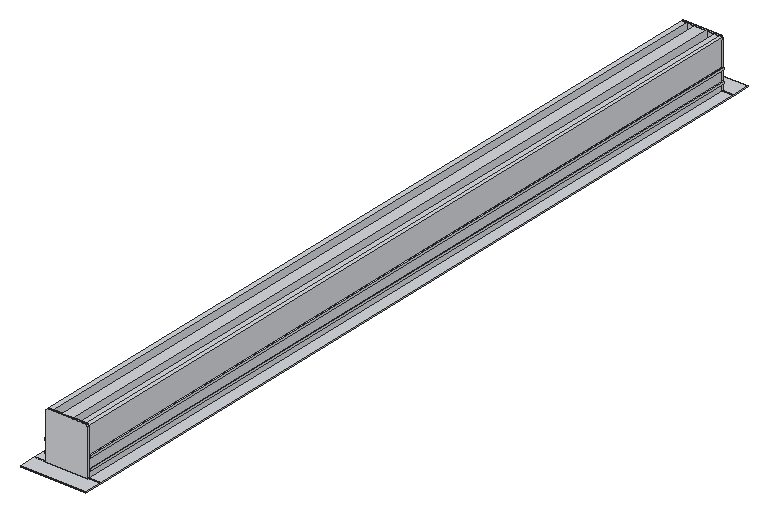
Revit family
Parameters
  URL = "http://www.anemostat.com/"
  Model = "SLAD-FS-75"
  Manufacturer = "Anemostat"
  Length  User Defined = 48"
  Duct Width = 2 13/16"
  Duct Length = Length  User Defined + 1/4"  # 48 1/4"
  C = 4"
Reference planes (in)
  plane 1 "Center (Front/Back)": y = 0
  plane 2: z = 0
  plane 3 "Center (Left/Right)": x = 0
  plane 4: x = -2
  plane 5: x = 2
  plane 6: y = -24
  plane 7 "Length": y = -48
  plane 8 "Face": z = -0.05
  plane 9: z = 2.95
  plane 10: x = 0.35
  plane 11: x = -0.35
Forms (in)
  Extrusion 1, solid
    sketch origin (0, 0, 0) x (1, 0, 0) y (0, 0, 1)
      loop
        line (1.16328, 2.95) -> (-1.16328, 2.95) -> (-1.275, 2.83828) -> (-1.275, 1.27628) -> (-1.395, 1.27628) -> (-1.395, 1.16428) -> (-1.345, 1.16428) -> (-1.345, 1.22628) -> (-1.275, 1.22628) -> (-1.275, 0.47128) -> (-1.345, 0.47128) -> (-1.345, 0.53328) -> (-1.395, 0.53328) -> (-1.395, 0.42128) -> (-1.275, 0.42128) -> (-1.275, 0) -> (-2, 0) -> (-2, -0.05) -> (-0.75028, -0.05) -> (1.00028, -0.05) -> (2, -0.05) -> (2, 0) -> (1.275, 0) -> (1.275, 0.42128) -> (1.395, 0.42128) -> (1.395, 0.53328) -> (1.345, 0.53328) -> (1.345, 0.47128) -> (1.275, 0.47128) -> (1.275, 1.22628) -> (1.345, 1.22628) -> (1.345, 1.16428) -> (1.395, 1.16428) -> (1.395, 1.27628) -> (1.275, 1.27628) -> (1.275, 2.83828) -> (1.16328, 2.95)
    from 0 to 48 <- "Length  User Defined"
  Extrusion 2, solid
    sketch origin (0, 0, 0) x (1, 0, 0) y (0, 0, 1)
      loop
        line (-1.275, 0) -> (1.275, 0) -> (1.275, 2.83828) -> (1.16328, 2.95) -> (-1.16328, 2.95) -> (-1.275, 2.83828) -> (-1.275, 0)
    from 0 to -0.0625
  Extrusion 3, solid
    sketch origin (0, -48, 0) x (0, 0, 1) y (-1, 0, 0)
      loop
        line (0.05, -1.275) -> (2.83828, -1.275) -> (2.95, -1.16328) -> (2.95, 1.16328) -> (2.83828, 1.275) -> (0, 1.275) -> (0, -1.275) -> (0.05, -1.275)
    from 0 to 0.0625
  Extrusion 4, solid
    sketch origin (0, 0, 0) x (1, 0, 0) y (0, 0, 1)
      loop
        line (-2, 0) -> (-2, -0.05) -> (2, -0.05) -> (2, 0) -> (-2, 0)
    from 0 to -1.10156
  Extrusion 5, solid
    sketch origin (0, -48, 0) x (0, 0, 1) y (-1, 0, 0)
      loop
        line (0, -2) -> (0, 2) -> (-0.05, 2) -> (-0.05, -2) -> (0, -2)
    from 0 to 1.10156
  Extrusion 6, void
    sketch origin (0, 0, -0.05) x (-1, 0, 0) y (0, -1, 0)
      loop
        line (-0.35, 48) -> (-0.85, 48) -> (-0.85, 0) -> (-0.35, 0) -> (-0.35, 48)
      loop
        line (0.35, 48) -> (0.35, 0) -> (0.85, 0) -> (0.85, 48) -> (0.35, 48)
    from 0 to 3
Cuts and joins
  Extrusion 6 cuts Extrusion 1
  Extrusion 6 cuts Extrusion 2
  Extrusion 6 cuts Extrusion 3
  Extrusion 6 cuts Extrusion 4
  Extrusion 6 cuts Extrusion 5
Dimensions and locks (in)
  equal spacing: plane 5, plane 3 "Center (Left/Right)", plane 4
  "C": plane 5 to plane 4
  equal spacing: plane 1 "Center (Front/Back)", plane 6, plane 7 "Length"
  "Length  User Defined": plane 1 "Center (Front/Back)" to plane 7 "Length"
Automatic sketch dimensions
  Extrusion 4 sketch curve to plane 4 = 0"
  Extrusion 4 sketch curve to plane 5 = 0"
  Extrusion 4 sketch curve to plane 8 "Face" = 0"
  Extrusion 4 sketch curve to level = 0"
  Extrusion 5 sketch curve to plane 5 = 0"
  Extrusion 5 sketch curve to plane 8 "Face" = 0"
  Extrusion 5 sketch curve to level = 0"
  Extrusion 5 sketch curve to plane 4 = 0"
  Extrusion 3 sketch curve to level = 0"
  Extrusion 3 sketch curve to plane 9 = 0"
  level to Extrusion 3 sketch curve = 0.05"
  Extrusion 3 sketch curve to plane 9 = 0.11172"  (x2)
  Extrusion 3 sketch curve to plane 5 = 0.725"
  Extrusion 3 sketch curve to Extrusion 3 sketch curve = 0.11172"
  plane 4 to Extrusion 3 sketch curve = 0.83672"
  plane 4 to Extrusion 3 sketch curve = 0.725"
  Extrusion 2 sketch curve to level = 0"
  Extrusion 2 sketch curve to plane 9 = 0"
  plane 4 to Extrusion 2 sketch curve = 0.725"
  Extrusion 2 sketch curve to Extrusion 2 sketch curve = 0.11172"
  Extrusion 2 sketch curve to plane 5 = 0.83672"
  Extrusion 2 sketch curve to plane 5 = 0.725"
  Extrusion 2 sketch curve to plane 9 = 0.11172"  (x2)
  plane 7 "Length" to Extrusion 6 sketch curve = 0"  (x2)
  plane 1 "Center (Front/Back)" to Extrusion 6 sketch curve = 0"  (x2)
  Extrusion 6 sketch curve to plane 10 = 0"
  Extrusion 6 sketch curve to plane 11 = 0"
  Extrusion 6 sketch curve to plane 10 = 1/2"
  Extrusion 6 sketch curve to Extrusion 6 sketch curve = 1/2"
  Extrusion 1 sketch curve to level = 0"  (x2)
  Extrusion 1 sketch curve to plane 4 = 0"
  Extrusion 1 sketch curve to plane 9 = 0"
  Extrusion 1 sketch curve to plane 8 "Face" = 0"
  Extrusion 1 sketch curve to plane 5 = 0"
  plane 4 to Extrusion 1 sketch curve = 0.605"  (x2)
  Extrusion 1 sketch curve to Extrusion 1 sketch curve = 0.05"  (x8)
  Extrusion 1 sketch curve to Extrusion 1 sketch curve = 0.07"  (x3)
  Extrusion 1 sketch curve to Extrusion 1 sketch curve = 0.12"
  Extrusion 1 sketch curve to plane 9 = 0.11172"  (x2)
  plane 4 to Extrusion 1 sketch curve = 0.725"
  Extrusion 1 sketch curve to Extrusion 1 sketch curve = 0.11172"  (x2)
  Extrusion 1 sketch curve to plane 11 = 0.40028"
  Extrusion 1 sketch curve to plane 10 = 0.65028"
  Extrusion 1 sketch curve to plane 10 = 0.81328"
  Extrusion 1 sketch curve to Extrusion 1 sketch curve = 0.27472"
  Extrusion 1 sketch curve to Extrusion 1 sketch curve = 0"
  Extrusion 1 sketch curve to Extrusion 1 sketch curve = 0.42128"  (x2)
  Extrusion 1 sketch curve to Extrusion 1 sketch curve = 0.062"  (x4)
  Extrusion 1 sketch curve to Extrusion 1 sketch curve = 0.631"  (x2)
Connectors (in)
  hvac at (0, -24, 2.95), driven by "Duct Length", driven by "Duct Width"
    settings: on Extrusion 1, index 1
